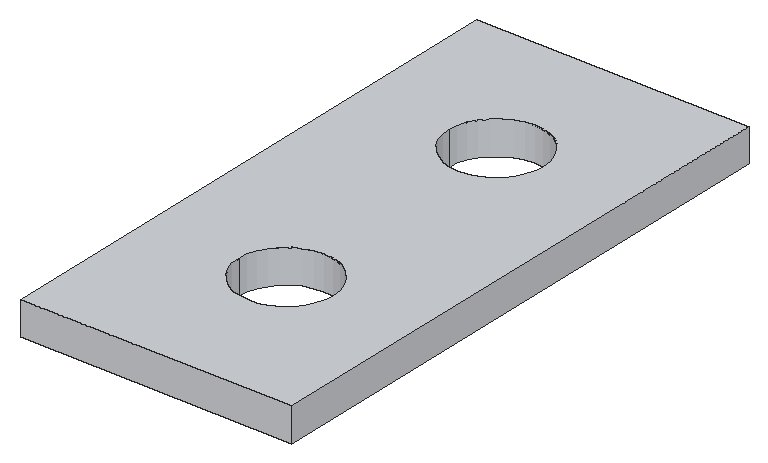
Revit family "MP2", category Generic Models, Revit 2017
Family settings
  Can host rebar = No
  Round Connector Dimension = Use Diameter
  Part Type = Normal
  Work Plane-Based = Yes
  Always vertical = No
  Cut with Voids When Loaded = No
  Shared = No
  Room Calculation Point = No
Parameters (values of type "NBS Standard Parameters")
  Weight = "0.14Kg"
  WarrantyStartDate [instance] = "1900-12-31T23:59:59"
  WarrantyGuarantorParts = "n/a"
  WarrantyGuarantorLabor = "n/a"
  WarrantyDurationUnit = "1 year"
  WarrantyDurationParts = "n/a"
  WarrantyDurationLabor = "n/a"
  WarrantyDescription = "n/a"
  Version = "1"
  Uniclass2 = "Pr_65_70_11_19"
  TagNumber [instance] = "n/a"
  SustainabilityPerformance = "n/a"
  Size = "n/a"
  Shape = "Flat"
  SerialNumber [instance] = "n/a"
  Revision = "n/a"
  ReplacementCost = "n/a"
  ProductInformation = "www.metpro.co.uk/pdf/mp2.pdf"
  NominalWidth = 40 mm
  NominalLength = 85 mm
  NominalHeight = 5 mm
  Name = ""
  NBSTypeID = ""
  NBSReference = "90-55-10/305"
  NBSOfficeMasterTag = ""
  NBSNote = ""
  NBSDescription = "Channel Cable Supports"
  NBSCertification = ""
  ModelReference = "MP2"
  ModelNumber = "n/a"
  Material = "Steel"
  ManufacturerURL = "www.metpro.co.uk"
  ManufacturerName = "Metpro Ltd"
  Keynote = "Compliant to LU Standard 1-085"
  InstallationDate [instance] = "1900-12-31T23:59:59"
  IfcExportType = ""
  IfcExportAs = ""
  Grade = "n/a"
  Finish = "Hot Dipped Galvanised"
  Features = "n/a"
  ExpectedLife = "n/a"
  DurationUnit = "year"
  Description = "MP2  Splice Plate 2 hole"
  Default Elevation = 1219.2 mm
  Constituents = "n/a"
  Color = "n/a"
  CodePerformance = "n/a"
  Category = "n/a"
  BarCode [instance] = "n/a"
  BIMObjectName = "metpro_metprolibrary_channelcablesupports_channelbracket"
  Author = "Metpro Ltd"
  AssetType = ""
  AssetIdentifier [instance] = "n/a"
  AccessibilityPerformance = "n/a"
Reference planes
  plane 1 "Center (Front/Back)": y = 0
  plane 2: z = 0
  plane 3 "Center (Left/Right)": x = 0
Forms (mm)
  Extrusion 1, solid
    sketch origin (-35.416, -18.562, 0) x (1, 0, 0) y (0, 1, 0)
      loop
        line (-20.658, 19.478) -> (-20.658, -64.522) -> (19.342, -64.522) -> (19.342, 19.478) -> (-20.658, 19.478)
      loop
        circle (-0.077, -2.617) r 7
      loop
        circle (-0.077, -41.322) r 7
    from 0 to 5
Dimensions and locks
  aligned and locked: level to plane 2
